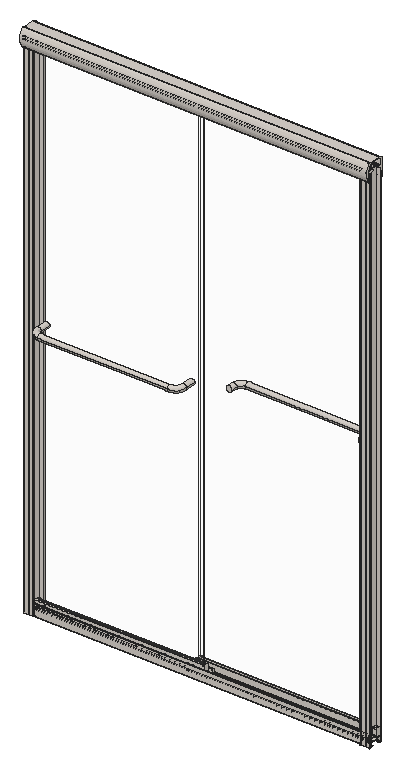
Revit family "Shower-Shower_Door-STERLING-Finesse-5485_1", category Specialty Equipment, host Face, Revit 2015 (continued)
Definition of nested family "5485"
  Automatic sketch dimensions
    Extrusion 4 sketch curve to Extrusion 4 sketch curve = 0.01993"  (x3)
    Extrusion 4 sketch curve to plane 8 = 0.08571"
    Extrusion 4 sketch curve to Extrusion 4 sketch curve = 0.60957"  (x2)
    plane 1 "Center (Front/Back)" to Extrusion 4 sketch curve = 0.08564"
    Extrusion 4 sketch curve to Extrusion 4 sketch curve = 0.01294"
    Extrusion 4 sketch curve to Extrusion 4 sketch curve = 0.02018"  (x2)
    Extrusion 4 sketch curve to plane 14 = 11.04843"
    Extrusion 4 sketch curve to Extrusion 4 sketch curve = 0"  (x3)
    Extrusion 4 sketch curve to Extrusion 4 sketch curve = 0.01977"
    Extrusion 4 sketch curve to Extrusion 4 sketch curve = 0.02001"
    Extrusion 4 sketch curve to Extrusion 4 sketch curve = 0.03279"
    Extrusion 4 sketch curve to Extrusion 4 sketch curve = 0.00064"
    Extrusion 4 sketch curve to Extrusion 4 sketch curve = 0.05862"
    Extrusion 4 sketch curve to Extrusion 4 sketch curve = 0.02583"
    Extrusion 4 sketch curve to Extrusion 4 sketch curve = 0.02526"
    Extrusion 4 sketch curve to plane 13 = 11.06287"
    Extrusion 5 sketch curve to plane 1 "Center (Front/Back)" = 0.15405"
    Extrusion 5 sketch curve to Extrusion 5 sketch curve = 0.02039"
    Extrusion 5 sketch curve to Extrusion 5 sketch curve = 0.02112"
    Extrusion 5 sketch curve to Extrusion 5 sketch curve = 0.05089"
    Extrusion 5 sketch curve to Extrusion 5 sketch curve = 0.08827"
    Extrusion 5 sketch curve to Extrusion 5 sketch curve = 0.44494"
    Extrusion 5 sketch curve to Extrusion 5 sketch curve = 0.00217"
    Extrusion 5 sketch curve to Extrusion 5 sketch curve = 0.06212"
    Extrusion 5 sketch curve to Extrusion 5 sketch curve = 0.02314"
    Extrusion 5 sketch curve to Extrusion 5 sketch curve = 0.06168"
    Extrusion 5 sketch curve to Extrusion 5 sketch curve = 0.09865"
    Extrusion 5 sketch curve to Extrusion 5 sketch curve = 0.0608"
    Extrusion 5 sketch curve to Extrusion 5 sketch curve = 0.26801"
    Extrusion 5 sketch curve to Extrusion 5 sketch curve = 0.05873"  (x2)
    Extrusion 5 sketch curve to Extrusion 5 sketch curve = 0.06085"
    plane 8 to Extrusion 5 sketch curve = 0.26424"
    Extrusion 5 sketch curve to Extrusion 5 sketch curve = 0.00192"
    Extrusion 5 sketch curve to Extrusion 5 sketch curve = 0.05491"
    plane 8 to Extrusion 5 sketch curve = 0.18409"
    Extrusion 5 sketch curve to Extrusion 5 sketch curve = 0.08099"
    plane 8 to Extrusion 5 sketch curve = 0.10024"
    Extrusion 5 sketch curve to Extrusion 5 sketch curve = 0.08654"
    plane 8 to Extrusion 5 sketch curve = 0.09589"
    plane 8 to Extrusion 5 sketch curve = 0.01095"
    level to Extrusion 5 sketch curve = 0.05057"
    Extrusion 5 sketch curve to Extrusion 5 sketch curve = 0.49812"
    Extrusion 5 sketch curve to Extrusion 5 sketch curve = 0.08518"
    level to Extrusion 5 sketch curve = 0.68686"
    Extrusion 5 sketch curve to Extrusion 5 sketch curve = 0.00552"
    Extrusion 5 sketch curve to Extrusion 5 sketch curve = 0.07797"
    Extrusion 5 sketch curve to Extrusion 5 sketch curve = 0.01682"
    Extrusion 5 sketch curve to Extrusion 5 sketch curve = 0.01529"
    Extrusion 5 sketch curve to Extrusion 5 sketch curve = 0.05703"
    Extrusion 5 sketch curve to Extrusion 5 sketch curve = 0.05299"
    Extrusion 5 sketch curve to Extrusion 5 sketch curve = 0.05995"
    Extrusion 5 sketch curve to Extrusion 5 sketch curve = 0.66489"
    Extrusion 5 sketch curve to Extrusion 5 sketch curve = 0.66038"
    Extrusion 5 sketch curve to Extrusion 5 sketch curve = 0.00088"
    Extrusion 5 sketch curve to Extrusion 5 sketch curve = 0.00215"
    Extrusion 5 sketch curve to Extrusion 5 sketch curve = 0.003"
    Extrusion 6 sketch curve to plane 1 "Center (Front/Back)" = 0.25983"
    Extrusion 6 sketch curve to Extrusion 6 sketch curve = 9/128"  (x2)
    Extrusion 6 sketch curve to Extrusion 6 sketch curve = 0.38066"
    Extrusion 6 sketch curve to Extrusion 6 sketch curve = 0.37938"
    Extrusion 6 sketch curve to Extrusion 6 sketch curve = 0.86049"
    plane 8 to Extrusion 7 sketch curve = 0.74255"
    Extrusion 7 sketch curve to Extrusion 7 sketch curve = 9/128"  (x2)
    plane 8 to Extrusion 7 sketch curve = 0.29286"  (x2)
    Extrusion 7 sketch curve to Extrusion 7 sketch curve = 0.86049"
    Extrusion 8 sketch curve to plane 4 = 1.02291"
    Extrusion 8 sketch curve to plane 1 "Center (Front/Back)" = 0.34795"
    Extrusion 8 sketch curve to plane 3 "Center (Left/Right)" = 1.41587"
    Extrusion 8 sketch curve to Extrusion 8 sketch curve = 1/4"
    plane 8 to Extrusion 9 sketch curve = 0.42217"
    Extrusion 9 sketch curve to plane 3 "Center (Left/Right)" = 2.74647"
    Extrusion 9 sketch curve to Extrusion 9 sketch curve = 1/4"
    Sweep 10 sketch curve to plane 1 "Center (Front/Back)" = 0.59795"  (x2)
    plane 10 to Sweep 10 sketch curve = 0.28558"  (x2)
    plane 4 to Sweep 10 sketch curve = 0.68305"
    Sweep 10 sketch curve to Sweep 10 sketch curve = 1.04526"
    Sweep 10 sketch curve to plane 3 "Center (Left/Right)" = 4.25439"
    Sweep 10 sketch curve to profile plane = 0.00108"
    level to Sweep 10 sketch curve = 36.02106"
    plane 9 to Sweep 11 sketch curve = 0"  (x2)
    Sweep 11 sketch curve to Sweep 11 sketch curve = 0.7437"
    profile plane to Sweep 11 sketch curve = 0.00499"
    level to Sweep 11 sketch curve = 36.02009"
    Masking region 1 sketch curve to Masking region 1 sketch curve = 0"  (x30)
    Masking region 1 sketch curve to plane 14 = 0"
    Masking region 1 sketch curve to plane 10 = 0"
    Masking region 1 sketch curve to plane 1 "Center (Front/Back)" = 0"  (x2)
    Masking region 1 sketch curve to plane 6 = 0"
    Masking region 1 sketch curve to plane 8 = 0"  (x3)
    Masking region 1 sketch curve to plane 9 = 0"
    Masking region 1 sketch curve to plane 13 = 0"
    Masking region 1 sketch curve to level = 0"
    Masking region 1 sketch curve to plane 14 = 0.37916"
    Masking region 1 sketch curve to plane 10 = 0.12254"
    Masking region 1 sketch curve to Masking region 1 sketch curve = 0.01848"
    Masking region 1 sketch curve to plane 10 = 0.14224"
    Masking region 1 sketch curve to Masking region 1 sketch curve = 0.0302"
    plane 1 "Center (Front/Back)" to Masking region 1 sketch curve = 0.07155"
    plane 1 "Center (Front/Back)" to Masking region 1 sketch curve = 0.05423"
    plane 1 "Center (Front/Back)" to Masking region 1 sketch curve = 0.05005"
    Masking region 1 sketch curve to plane 1 "Center (Front/Back)" = 0.01685"
    Masking region 1 sketch curve to Masking region 1 sketch curve = 0.02011"
    Masking region 1 sketch curve to plane 1 "Center (Front/Back)" = 0.03932"
    Masking region 1 sketch curve to Masking region 1 sketch curve = 0.01197"
    Masking region 1 sketch curve to Masking region 1 sketch curve = 0.03086"
    Masking region 1 sketch curve to plane 1 "Center (Front/Back)" = 0.16895"
    Masking region 1 sketch curve to Masking region 1 sketch curve = 0.00042"
    Masking region 1 sketch curve to plane 1 "Center (Front/Back)" = 0.17053"
    Masking region 1 sketch curve to Masking region 1 sketch curve = 0.09836"
    Masking region 1 sketch curve to Masking region 1 sketch curve = 0.03364"
    Masking region 1 sketch curve to Masking region 1 sketch curve = 0.01364"
    Masking region 1 sketch curve to Masking region 1 sketch curve = 0.025"  (x2)
    Masking region 1 sketch curve to Masking region 1 sketch curve = 0.5583"
    Masking region 1 sketch curve to Masking region 1 sketch curve = 0.00407"
    Masking region 1 sketch curve to Masking region 1 sketch curve = 0.1958"
    plane 8 to Masking region 1 sketch curve = 0.36505"
    Masking region 1 sketch curve to Masking region 1 sketch curve = 0.00864"
    Masking region 1 sketch curve to Masking region 1 sketch curve = 0.02273"
    Masking region 1 sketch curve to Masking region 1 sketch curve = 0.11467"
    Masking region 1 sketch curve to Masking region 1 sketch curve = 0.00628"
    plane 6 to Masking region 1 sketch curve = 0.12378"
    plane 8 to Masking region 1 sketch curve = 0.1928"
    Masking region 1 sketch curve to Masking region 1 sketch curve = 0.00722"
    Masking region 1 sketch curve to Masking region 1 sketch curve = 0.02133"
    Masking region 1 sketch curve to Masking region 1 sketch curve = 0.01971"
    plane 8 to Masking region 1 sketch curve = 0.07276"
    plane 8 to Masking region 1 sketch curve = 0.06698"
    Masking region 1 sketch curve to Masking region 1 sketch curve = 0.00199"
    plane 8 to Masking region 1 sketch curve = 0.02864"
    Masking region 1 sketch curve to Masking region 1 sketch curve = 0.01633"
    plane 11 to Masking region 1 sketch curve = 0.02698"
    Masking region 1 sketch curve to Masking region 1 sketch curve = 0.02897"
    Masking region 1 sketch curve to plane 13 = 0.37915"
    Masking region 1 sketch curve to Masking region 1 sketch curve = 0.37916"  (x2)
    plane 11 to Masking region 1 sketch curve = 0.05948"
    plane 7 to Masking region 1 sketch curve = 0.72755"
    plane 7 to Masking region 1 sketch curve = 0.9264"
    Masking region 1 sketch curve to Masking region 1 sketch curve = 0.02525"
    Masking region 1 sketch curve to Masking region 1 sketch curve = 0.05082"
    Masking region 1 sketch curve to Masking region 1 sketch curve = 0.04321"
    Masking region 1 sketch curve to Masking region 1 sketch curve = 0.0098"
    Masking region 1 sketch curve to Masking region 1 sketch curve = 0.07078"
    Masking region 1 sketch curve to Masking region 1 sketch curve = 0.01769"
    Masking region 1 sketch curve to Masking region 1 sketch curve = 0.16804"
    Masking region 1 sketch curve to Masking region 1 sketch curve = 0.01534"
    Masking region 1 sketch curve to Masking region 1 sketch curve = 0.01736"
    Masking region 1 sketch curve to Masking region 1 sketch curve = 0.04661"
    Masking region 1 sketch curve to Masking region 1 sketch curve = 0.03005"
    Masking region 1 sketch curve to Masking region 1 sketch curve = 0.01733"
    Masking region 1 sketch curve to Masking region 1 sketch curve = 0.03823"
    Masking region 1 sketch curve to Masking region 1 sketch curve = 0.04318"
    Masking region 1 sketch curve to Masking region 1 sketch curve = 0.04192"
    Masking region 1 sketch curve to Masking region 1 sketch curve = 0.03636"
    Masking region 1 sketch curve to Masking region 1 sketch curve = 0.07599"
    Masking region 1 sketch curve to Masking region 1 sketch curve = 0.00743"
    Masking region 1 sketch curve to Masking region 1 sketch curve = 0.07557"
    Masking region 1 sketch curve to Masking region 1 sketch curve = 0.02151"
    Masking region 1 sketch curve to Masking region 1 sketch curve = 0.12588"
    Masking region 1 sketch curve to Masking region 1 sketch curve = 0.00536"
    Masking region 1 sketch curve to Masking region 1 sketch curve = 0.0855"
    Masking region 1 sketch curve to Masking region 1 sketch curve = 0.00262"
    Masking region 1 sketch curve to plane 6 = 0.12468"
    Masking region 1 sketch curve to Masking region 1 sketch curve = 0.00173"
    Masking region 1 sketch curve to plane 6 = 0.11126"
    Masking region 1 sketch curve to Masking region 1 sketch curve = 0.0038"
    Masking region 1 sketch curve to plane 6 = 0.09004"
    Masking region 1 sketch curve to plane 6 = 0.02979"
    Masking region 1 sketch curve to Masking region 1 sketch curve = 0.03614"
    plane 6 to Masking region 1 sketch curve = 0.11218"
    Masking region 1 sketch curve to Masking region 1 sketch curve = 0.035"
    Masking region 1 sketch curve to plane 10 = 0.0084"
    Masking region 1 sketch curve to plane 10 = 0.0159"
    Masking region 1 sketch curve to Masking region 1 sketch curve = 0.00823"
    Masking region 1 sketch curve to Masking region 1 sketch curve = 0.00987"
    plane 1 "Center (Front/Back)" to Masking region 1 sketch curve = 0.03061"
    Masking region 1 sketch curve to plane 1 "Center (Front/Back)" = 0.00566"
    Masking region 1 sketch curve to Masking region 1 sketch curve = 0.11488"
    plane 9 to Masking region 2 sketch curve = 0"  (x3)
    Masking region 2 sketch curve to plane 12 = 0"
    plane 10 to Masking region 2 sketch curve = 0"  (x3)
    plane 14 to Masking region 2 sketch curve = 0"
    plane 4 to Masking region 2 sketch curve = 0.30758"
    plane 10 to Masking region 2 sketch curve = 0.30478"
    Masking region 2 sketch curve to Masking region 2 sketch curve = 0.75309"
    Masking region 2 sketch curve to Masking region 2 sketch curve = 83/128"
    Masking region 2 sketch curve to Masking region 2 sketch curve = 0.01913"
    Masking region 2 sketch curve to plane 3 "Center (Left/Right)" = 4.25552"
    Masking region 2 sketch curve to Masking region 2 sketch curve = 0.02025"
    plane 10 to Masking region 2 sketch curve = 39/128"
    plane 10 to Masking region 2 sketch curve = 0.28352"
    Masking region 2 sketch curve to Masking region 2 sketch curve = 0.01698"
    Masking region 2 sketch curve to plane 13 = 0"
    Masking region 2 sketch curve to Masking region 2 sketch curve = 0.00857"
    Masking region 3 sketch curve to plane 12 = 0"
    Masking region 3 sketch curve to plane 6 = 0"
    Masking region 3 sketch curve to level = 0"
    Extrusion 12 sketch curve to plane 11 = 0"
    Extrusion 12 sketch curve to plane 6 = 0"
    Extrusion 12 sketch curve to plane 10 = 0"
    Extrusion 12 sketch curve to plane 9 = 0"
    Extrusion 13 sketch curve to level = 0"
    Extrusion 13 sketch curve to plane 1 "Center (Front/Back)" = 0"
    Extrusion 13 sketch curve to plane 8 = 0"
    Extrusion 14 sketch curve to plane 12 = 0"
    plane 9 to Extrusion 14 sketch curve = 0"  (x2)
    Extrusion 14 sketch curve to plane 4 = 0.76013"
    plane 10 to Extrusion 14 sketch curve = 0"  (x2)
    plane 15 to curve 62 = 33.64093"
    Extrusion 6 sketch curve to Extrusion 6 sketch curve = 0.06903"
    Extrusion 6 sketch curve to plane 15 = 1.00112"
    Extrusion 7 sketch curve to Extrusion 7 sketch curve = 0.06903"
    Extrusion 7 sketch curve to plane 15 = 1.00112"
    plane 15 to Masking region 1 sketch curve = 33.64093"
    plane 15 to Extrusion 13 sketch curve = 7/32"
    Extrusion 15 sketch curve to plane 4 = 0.40016"
    Extrusion 15 sketch curve to plane 1 "Center (Front/Back)" = 0.34795"
    Extrusion 15 sketch curve to plane 3 "Center (Left/Right)" = 1.41587"
    Extrusion 15 sketch curve to Extrusion 15 sketch curve = 1/4"
    plane 8 to Extrusion 16 sketch curve = 0.67217"
    Extrusion 16 sketch curve to plane 3 "Center (Left/Right)" = 2.74647"
    Extrusion 16 sketch curve to plane 5 = 1.0069"
    Extrusion 16 sketch curve to Extrusion 16 sketch curve = 1/4"
    Sweep 11 sketch curve to Sweep 11 sketch curve = 1.08149"
    Sweep 11 sketch curve to plane 9 = 0.7437"
    Masking region 2 sketch curve to Masking region 2 sketch curve = 0.00033"
    Masking region 2 sketch curve to plane 9 = 177/256"
    curve 76 to plane 12 = 0"
    plane 10 to curve 77 = 0"
    plane 10 to curve 78 = 0"
    plane 9 to curve 79 = 0"
    plane 9 to curve 80 = 0"
    curve 76 to plane 5 = 0"
    plane 4 to curve 77 = 0.30758"
    curve 77 to curve 77 = 0.75309"
    curve 78 to plane 3 "Center (Left/Right)" = 3.58675"
    curve 78 to curve 78 = 0.7531"
    plane 3 "Center (Left/Right)" to curve 79 = 0.497"
    curve 79 to curve 79 = 0.75832"
    curve 80 to plane 5 = 3.17323"
    curve 80 to curve 80 = 0.76698"
    plane 1 "Center (Front/Back)" to curve 76 = 0"
    curve 63 to plane 11 = 0"
    curve 63 to plane 12 = 0"
    curve 64 to level = 0"
    curve 66 to plane 16 = 0"
    curve 72 to plane 3 "Center (Left/Right)" = 0"
    curve 71 to plane 3 "Center (Left/Right)" = 0"
    curve 65 to level = 0"
    curve 63 to plane 5 = 0"
    plane 4 to curve 67 = 0.6841"
    curve 67 to curve 70 = 0.01994"
    curve 67 to curve 68 = 0.03862"
    curve 70 to plane 3 "Center (Left/Right)" = 3.18578"
    plane 3 "Center (Left/Right)" to curve 74 = 0.87616"
    curve 75 to plane 5 = 2.79407"
    plane 15 to curve 70 = 33.64394"
    curve 69 to curve 74 = 0.37615"
    curve 75 to curve 74 = 0"
    curve 70 to curve 69 = 0.37657"
    curve 73 to plane 16 = 0.4115"
    curve 73 to plane 4 = 1.02291"
    plane 3 "Center (Left/Right)" to curve 81 = 0.04605"
    curve 66 to plane 5 = 1.0069"
    radius of Sweep 10 sketch curve = 0.37655"
    radius of Sweep 11 sketch curve = 0.37916"
    radius of curve 74 = 0.37916"
    radius of curve 75 = 0.37916"
